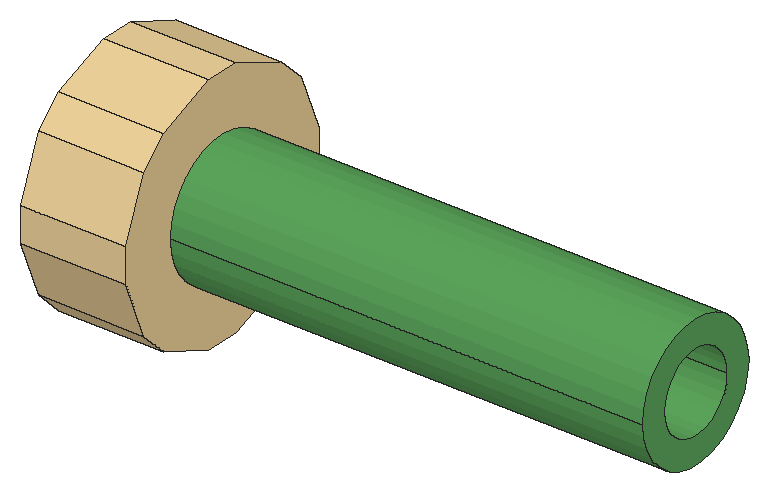
Revit family "Aquatherm_Резьбовое соединение", category Соединительные детали трубопроводов, Revit 2019
Family settings
  Размер круглого соединителя = Использовать диаметр
  Тип детали = Переход
  На основе рабочей плоскости = Нет
  Всегда вертикально = Да
  При загрузке вырезать с полостями = Нет
  Общий = Нет
Parameters (values of type "SDR 11")
  Материал_Корпус_2 = AquaTherm латунь pipe
  Материал_Корпус = AquaTherm green pipe
  K Coefficient = 0
  n1 [instance] = l + l1 + 30 mm  # 133 mm
  n [instance] = k + 30 mm  # 92 mm
  m [instance] = 20 mm  # constant formula
  k [instance] = size_lookup("Резьбовое соединение", "k", 18 mm, d, R)  # 62 mm
  l1 [instance] = size_lookup("Резьбовое соединение", "l1", 18 mm, d, R)  # 3 mm
  r [instance] = R + 3 mm  # 35 mm
  d2 [instance] = d1 + 6 mm  # 21 mm
  d1 [instance] = d - 10 mm  # 15 mm
  URL = "www.agpipe.ru"
  d [instance] = 25 mm
  SW' [instance] = SW - 1 mm  # 45 mm
  SW [instance] = size_lookup("Резьбовое соединение", "SW", 18 mm, d, R)  # 46 mm
  SDR = 11 mm
  R [instance] = 32 mm
  l [instance] = size_lookup("Резьбовое соединение", "l", 18 mm, d, R)  # 100 mm
  D1 [instance] = d + 6 mm  # 31 mm
  D [instance] = size_lookup("Резьбовое соединение", "D", 18 mm, d, R)  # 34 mm
  ADSK_Примечание = ""
  ADSK_Позиция [instance] = ""
  ADSK_Обозначение = ""
  ADSK_Наименование [instance] = size_lookup("Резьбовое соединение", "ADSK_Наименование", "Нет в каталоге", d, R)  # "Резьбовое соединение DN25x1 1/4''"
  ADSK_Масса_Текст [instance] = size_lookup("Резьбовое соединение", "ADSK_Масса_Текст", "Нет в каталоге", d, R)  # "0.104"
  ADSK_Код изделия [instance] = size_lookup("Резьбовое соединение", "ADSK_Код изделия", "Нет в каталоге", d, R)  # "26710"
  ADSK_Завод-изготовитель = "Aquatherm"  # constant formula
  ADSK_Единица измерения = "шт."  # constant formula
  2 [instance] = not([1])  # no
  1 [instance] = R > d  # yes
Types (5, lengths in mm): name | n | k | r | d2 | d1 | d | SW' | SW | SDR | R | D1 | D | ADSK_Наименование | ADSK_Масса_Текст | ADSK_Код изделия
  (no name) | 92 | 62 | 35 | 21 | 15 | 25 | 45 | 46 | 11 | 32 | 31 | 34 | "Резьбовое соединение DN25x1 1/4''" | "0.104" | "26710"
  SDR 6 | 92 | 62 | 35 | 21 | 15 | 25 | 45 | 46 | 6 | 32 | 31 | 34 | "Резьбовое соединение DN25x1 1/4''" | "0.104" | "26710"
  SDR 7.4 | 92 | 62 | 35 | 21 | 15 | 25 | 45 | 46 | 7.4 | 32 | 31 | 34 | "Резьбовое соединение DN25x1 1/4''" | "0.104" | "26710"
  SDR 9 | 56 | 26 | 103 | 86 | 80 | 90 | 119 | 120 | 9 | 100 | 96 | 120 | "Резьбовое соединение DN90x4''" | "1.238" | "26722"
  SDR 11 | 92 | 62 | 35 | 21 | 15 | 25 | 45 | 46 | 11 | 32 | 31 | 34 | "Резьбовое соединение DN25x1 1/4''" | "0.104" | "26710"
Reference planes
  plane 1 "По центру (Вперед/Назад)": y = 0
  plane 2: z = 0
  plane 3 "По центру (Влево/Вправо)": x = 0
  plane 4: x = -50
  plane 5: x = 50
  plane 6: x = -53
  plane 7: x = -60
  plane 8: x = -40
  plane 9: x = -44
  plane 10: x = -53
  plane 11: x = 80
  plane 12: x = -12
Forms (mm)
  Extrusion 1, solid, material "AquaTherm green pipe" <- "Материал_Корпус", visible <- "1"
    sketch origin (0, 0, 0) x (0, 1, 0) y (0, 0, 1)
      loop
        circle (0, 0) r 12.5
    from -40 to 50
  Extrusion 2, solid, material "AquaTherm green pipe" <- "Материал_Корпус", visible <- "1"
    sketch origin (0, 0, 0) x (0, 1, 0) y (0, 0, 1)
      loop
        circle (0, 0) r 16
    from -50 to -44
  Extrusion 3, solid, material "AquaTherm латунь pipe" <- "Материал_Корпус_2", visible <- "1"
    sketch origin (0, 0, 0) x (0, 1, 0) y (0, 0, 1)
      loop
        line (-9.527, 23) -> (-23, 9.527) -> (-23, -9.527) -> (-9.527, -23) -> (9.527, -23) -> (23, -9.527) -> (23, 9.527) -> (9.527, 23) -> (-9.527, 23)
    from -60 to -40
  Extrusion 4, void
    sketch origin (0, 0, 0) x (0, 1, 0) y (0, 0, 1)
      loop
        line (0, 24.354) -> (-17.221, 17.221) -> (-24.354, 0) -> (-17.221, -17.221) -> (0, -24.354) -> (17.221, -17.221) -> (24.354, 0) -> (17.221, 17.221) -> (0, 24.354)
      loop
        circle (0, 0) r 100
    from -60 to -40
  Extrusion 5, void
    sketch origin (0, 0, 0) x (0, 1, 0) y (0, 0, 1)
      loop
        circle (0, 0) r 16
    from -60 to -50
  Extrusion 6, void
    sketch origin (0, 0, 0) x (0, 1, 0) y (0, 0, 1)
      loop
        circle (0, 0) r 7.5
    from -50 to 50
  Extrusion 7, solid, material "AquaTherm green pipe" <- "Материал_Корпус", visible <- "1"
    sketch origin (0, 0, 0) x (0, 1, 0) y (0, 0, 1)
      loop
        circle (0, 0) r 16
      loop
        circle (0, 0) r 10.5
    from -50 to -53
Cuts and joins
  Extrusion 4, Extrusion 5, Extrusion 6 cuts Extrusion 3
  Extrusion 5, Extrusion 6 cuts Extrusion 1
Lines and regions (mm)
  reference lines
    curve 1: line (-53, 0, 0) -> (-12, 0, 0)
Dimensions and locks
  equal spacing: plane 4, plane 3 "По центру (Влево/Вправо)", plane 5
  "l": plane 4 to plane 5
  "l1": plane 6 to plane 4
  equal spacing: Extrusion 3 sketch curve, level, Extrusion 3 sketch curve
  "SW": Extrusion 3 sketch curve to Extrusion 3 sketch curve  (x4)
  equal spacing: Extrusion 3 sketch curve, plane 1 "По центру (Вперед/Назад)", Extrusion 3 sketch curve  (x3)
  equal spacing: Extrusion 4 sketch curve, plane 1 "По центру (Вперед/Назад)", Extrusion 4 sketch curve  (x4)
  "SW'": Extrusion 4 sketch curve to Extrusion 4 sketch curve  (x4)
  equal spacing: plane 7, plane 4, plane 8
  "m": plane 7 to plane 8
  locked: plane 9 to plane 8 at 4
  locked: plane 5 to plane 11 at 30
  "n": plane 12 to plane 11
  "n1": plane 10 to plane 11
  "d": diameter of Extrusion 1 sketch curve
  "R": diameter of Extrusion 2 sketch curve
  "l": radius of Extrusion 4 sketch curve
  "R": diameter of Extrusion 5 sketch curve
  "d1": diameter of Extrusion 6 sketch curve
  "d2": diameter of Extrusion 7 sketch curve
  "R": diameter of Extrusion 7 sketch curve
  locked: Extrusion 3 sketch curve to Extrusion 3 sketch curve (angle 135.00°)  (x4)
  locked: Extrusion 4 sketch curve to Extrusion 4 sketch curve (angle 135.00°)  (x4)
  aligned and locked: level to plane 2
  aligned and locked: plane 5 to Extrusion 1
  aligned and locked: Extrusion 4 to plane 7
  aligned and locked: Extrusion 4 to plane 8
  aligned and locked: cut or joined group of Extrusion 3, Extrusion 4, Extrusion 5, Extrusion 6 to plane 7
  aligned and locked: cut or joined group of Extrusion 3, Extrusion 4, Extrusion 5, Extrusion 6 to plane 8
  aligned and locked: Extrusion 2 to plane 4
  aligned and locked: plane 9 to Extrusion 2
  aligned and locked: plane 4 to Extrusion 2
  aligned and locked: Extrusion 3 to Extrusion 5
  aligned and locked: plane 5 to Extrusion 6
  aligned and locked: Extrusion 6 to plane 4
  aligned and locked: plane 4 to Extrusion 5
  aligned and locked: Extrusion 7 to plane 4
  aligned and locked: Extrusion 7 to plane 6
  aligned and locked: plane 10 to curve 1
  aligned and locked: plane 12 to curve 1
  aligned and locked: Extrusion 1 to Extrusion 3
Automatic sketch dimensions
  plane 1 "По центру (Вперед/Назад)" to curve 1 = 0 mm
  Extrusion 1 sketch curve to level = 0 mm
  Extrusion 1 sketch curve to plane 1 "По центру (Вперед/Назад)" = 0 mm
  Extrusion 2 sketch curve to level = 0 mm
  Extrusion 2 sketch curve to plane 1 "По центру (Вперед/Назад)" = 0 mm
  Extrusion 4 sketch curve to plane 1 "По центру (Вперед/Назад)" = 0 mm  (x2)
  Extrusion 4 sketch curve to level = 0 mm  (x2)
  Extrusion 5 sketch curve to level = 0 mm
  Extrusion 5 sketch curve to plane 1 "По центру (Вперед/Назад)" = 0 mm
  Extrusion 6 sketch curve to level = 0 mm
  Extrusion 6 sketch curve to plane 1 "По центру (Вперед/Назад)" = 0 mm
  Extrusion 7 sketch curve to Extrusion 7 sketch curve = 0 mm  (x2)
  Extrusion 7 sketch curve to level = 0 mm
  Extrusion 7 sketch curve to plane 1 "По центру (Вперед/Назад)" = 0 mm
Connectors
  piping at (-53, 0, 0), diameter 32, driven by "R"
    settings: on curve 1, index 1, connector inside diameter 609.6 mm, connector length 0 mm, flow factor 0, pipe flow 0.0 L/s, pressure drop 0.0 Pa, fitting loss kfactor 0, connector angle 0.00°, fixture units 0, engagement length 0 mm, angle of deflection 0.00°, flow configuration 0, flow direction 0, fitting loss method 0, system type 28, joint type 0, gender type 0, connector reference index 2, connector utility 0, adjustable connector no, is connector primary yes, connector description ""
  piping at (-12, 0, 0), diameter 25, driven by "d"
    settings: on curve 1, index 2, connector inside diameter 609.6 mm, connector length 0 mm, flow factor 0, pipe flow 0.0 L/s, pressure drop 0.0 Pa, fitting loss kfactor 0, connector angle 0.00°, fixture units 0, engagement length 0 mm, angle of deflection 0.00°, flow configuration 0, flow direction 0, fitting loss method 0, system type 28, joint type 0, gender type 0, connector reference index 1, connector utility 0, adjustable connector no, is connector primary no, connector description ""
